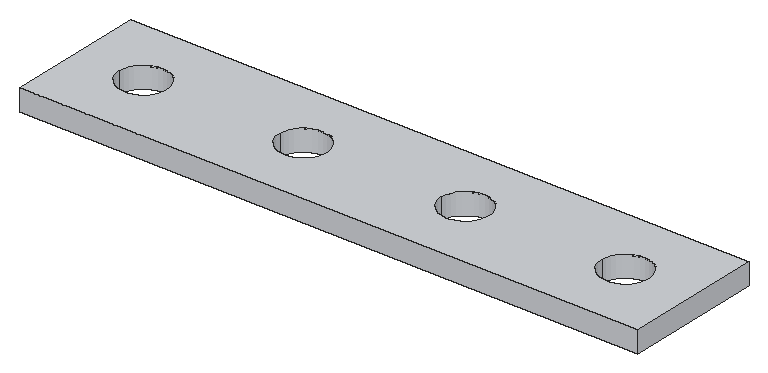
Revit family "Fitting-Flat_Plate-Unistrut-P1067", category Specialty Equipment, Revit 2012
Parameters (values of type "P1067")
  ecoScorecard_data = "http://products.ecoscorecard.com/atkore/P1067"
  ecoScorecard Product Page = "http://products.ecoscorecard.com/atkore/P1067?action=html"
  Weight Per Piece = 0.78 lbf
  Unit = none
  Unistrut Part Number = ""
  URL = "http://unistrut.us/index.php"
  Thickness = 0' - 0 1/4"  # constant formula
  Subcategory = "Flat Plate Fittings"  # constant formula
  Product Page URL = "http://unistrut.us/index.php?WP=cat_detail&S=S05&P=P1067"
  Power Strut Part Number = ""
  Part Type = ""
  Overall Width = 0' - 1 5/8"  # constant formula
  Overall Length = 0' - 7 1/4"  # constant formula
  Model = "P1067"
  Material = ""
  Manufacturer Phone - Toll Free = "800-882-5543"  # constant formula
  Manufacturer Phone = "708-339-1610"  # constant formula
  Manufacturer Fax = "708-339-7814"  # constant formula
  Manufacturer Email = "mailto:jshaw@atkore.com"
  Manufacturer Address = "16100 South Lathrop Avenue, Harvey, IL 60426"  # constant formula
  Manufacturer = "Unistrut by Atkore International"  # constant formula
  Load Capacity Note = "Visit the product page for load application and capacity."  # constant formula
  Literature URL = "http://unistrut.us/index.php?WP=LItLibrary"
  Hole Diameter = 0' - 0 9/16"
  Cost Info = "mailto:jshaw@atkore.com"
  CAD URL = "http://unistrut.us/index.php?WP=CAD3d"
  Assembly Code = "D5020100"
  95 CSI = "16070"  # constant formula
  04 CSI = "26 05 48"  # constant formula
Reference planes (in)
  plane 1 "Center (Front/Back)": y = 0
  plane 2: z = 0
  plane 3 "Center (Left/Right)": x = 0
  plane 4: y = 0.8125
  plane 5: y = -0.8125
  plane 6: x = -3.625
  plane 7: x = 3.625
  plane 8: z = 0.25
  plane 9: x = -2.83164
  plane 10: x = -0.94961
  plane 11: x = 2.83164
  plane 12: x = 0.94961
Dimensions and locks (in)
  equal spacing: plane 6, plane 3 "Center (Left/Right)", plane 7
  "Overall Length": plane 6 to plane 7
  equal spacing: plane 4, plane 1 "Center (Front/Back)", plane 5
  "Overall Width": plane 4 to plane 5
  "Thickness": plane 8 to plane 2
  aligned and locked: level to plane 2
  aligned and locked: plane 3 "Center (Left/Right)" to nested 1
  aligned and locked: plane 1 "Center (Front/Back)" to nested 1
Nested families (in)
  nested 1: "1067" at (0, 0, 0), type "1067"
Definition of nested family "1067"
  Parameters (values of type "P106")
    Width = 0' - 1 5/8"
    Unit = none
    Thickness = 0' - 0 1/4"
    Radiuis = Diameter / 2  # 0' - 0 9/32"
    Length = 0' - 7 1/4"
    Diameter = 0' - 0 9/16"
  Reference planes (in)
    plane 1 "Center (Front/Back)": y = 0
    plane 2: z = 0
    plane 3 "Center (Left/Right)": x = 0
    plane 4: y = 0.8125
    plane 5: y = -0.8125
    plane 6: x = -3.625
    plane 7: x = 3.625
    plane 8: z = 0.25
    plane 9: x = -1.8125
    plane 10: x = 1.8125
    plane 11: z = 0.125
  Forms (in)
    Extrusion 1, solid, material <- "Unit"
      sketch origin (0, 0, 0) x (1, 0, 0) y (0, 1, 0)
        loop
          line (-3.625, 0.8125) -> (-3.625, -0.8125) -> (3.625, -0.8125) -> (3.625, 0.8125) -> (-3.625, 0.8125)
        loop
          circle (-2.83164, 0) r 0.28125
        loop
          circle (2.83164, 0) r 0.28125
        loop
          circle (0.94961, 0) r 0.28125
        loop
          circle (-0.94961, 0) r 0.28125
      from 0 to 0.25
  Dimensions and locks (in)
    equal spacing: plane 6, plane 3 "Center (Left/Right)", plane 7
    "Length": plane 6 to plane 7
    equal spacing: plane 4, plane 1 "Center (Front/Back)", plane 5
    "Width": plane 4 to plane 5
    "Thickness": plane 8 to plane 2
    equal spacing: plane 8, plane 11, plane 2
    "Radiuis": radius of Extrusion 1 sketch curve  (x4)
    aligned and locked: level to plane 2
    aligned and locked: Extrusion 1 sketch curve to plane 6
    aligned and locked: Extrusion 1 sketch curve to plane 4
    aligned and locked: plane 5 to Extrusion 1 sketch curve
    aligned and locked: plane 7 to Extrusion 1 sketch curve
    aligned and locked: plane 1 "Center (Front/Back)" to Extrusion 1 sketch curve  (x4)
    aligned and locked: Extrusion 1 to plane 2
    aligned and locked: plane 8 to Extrusion 1
  Automatic sketch dimensions
    plane 1 "Center (Front/Back)" to Extrusion 1 sketch curve = 0' - 0"
    plane 6 to Extrusion 1 sketch curve = 0' - 0.79336"
    plane 9 to Extrusion 1 sketch curve = 0' - 0.86289"
    plane 10 to Extrusion 1 sketch curve = 0' - 0.86289"
    plane 7 to Extrusion 1 sketch curve = 0' - 0.79336"
